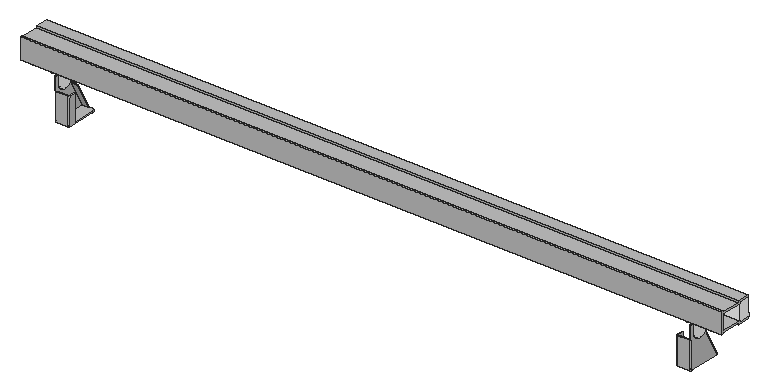
Revit family "4070765+4070746+4070771 Feilo Sylvania Lighting Fixture CURSUS 1161MM 827LM OVAL LED 3K with CONTINUOUS WALL HOUSING with 70MM WALL BRACKET", category Lighting Fixtures, host Face, Revit 2017
Family settings
  Host = Face
  Round Connector Dimension = Use Diameter
  Part Type = Normal
  OmniClass Number = 23.80.70.14
  OmniClass Title = Luminaries for External Lighting
  Cut with Voids When Loaded = Yes
  Light Source = No
  Shared = No
  Room Calculation Point = No
Parameters (values of type "4070765 CURSUS 1161MM 827LM OVAL LED 3K")
  Weight = "2.2 kg"
  Wattage Comments = "n/a"
  WarrantyStartDate [instance] = "n/a"
  WarrantyGuarantorParts = "n/a"
  WarrantyDurationUnit = "n/a"
  WarrantyDurationParts = "n/a"
  WarrantyDescription = "n/a"
  Voltage = 24 V
  URL = "http://www.sylvania-lighting.com"
  TypeName = "CURSUS 1161MM 827LM OVAL LED 3K"
  TypeFixture_FEILO = CURSUS with CONTINUOUS WALL HOUSING : CURSUS 1161MM 827LM OVAL LED 3K
  Type Image = <None>
  Type Comments = "n/a"
  TiltAngle [instance] = 0.00°
  StartAngle [instance] = TiltAngle + 270.00°  # 270.00°
  SerialNumber [instance] = "n/a"
  ReflectorMaterial = none
  PowerFactor = 0
  PowerConsumption = "18 W"
  NominalLength = 1161 mm
  NominalHeight = 50 mm
  NominalDepth = 30 mm
  Name = "CURSUS 1161MM 827LM OVAL LED 3K"
  ModelReference = Name  # "CURSUS 1161MM 827LM OVAL LED 3K"
  ModelNumber = "4070765"
  Model = Name  # "CURSUS 1161MM 827LM OVAL LED 3K"
  Material = "natural anodised extruded aluminium structure housing, optical system with pmma lenses diffuser"
  ManufacturerName = "Feilo Sylvania"
  Manufacturer = "Feilo Sylvania"
  LuminousEfficacy = "45.94 lm/W"
  LuminaireType = ""
  LightOutputRatio = "100"
  LampsType = Lamp  # "LED"
  LampNominalLuminous = "827 lm"
  LampMacAdamStep = "n/a"
  LampColourTemperature = "3000 K"
  LampColourRenderingIndex = "80"
  Lamp = "LED"
  Keynote = "16500"
  InstallationDate [instance] = "n/a"
  InputVoltage = "24V DC"
  InputNominalFrequency = "n/a"
  IngressProtection = "IP67"
  ImpactProtectionIndex = "IK07"
  IfcExportType = "IfcLightFixtureType"
  IfcExportAs = "IfcLightFixtureType"
  ExpectedLife = 50000
  EndAngle [instance] = StartAngle - 180.00°  # 90.00°
  ElectricShockClassification = "Class III"
  DurationUnit = "hours"
  DocumentationLiterature = "http://www.sylvania-lighting.com/product/en-int/products/4070765"
  DimmingControlOptions = "n/a"
  DiffuserMaterial = Diffuser-Sylvania-Glow
  Description = "LED Exterior Lighting Recessed Surface Mounted Linear Fixture, Natural anodised extruded aluminium structure. Die-cast aluminium end caps. Installation kit with harmonic steel springs., 827 lm, 18W, 45lm/W, 3000K, CRI80+,non dimmable,IP67, IK07, (HxWxD) 1161x50x30mm, 3 step Mac Adam Ellipse, 2.2kg,, Classe III, 21-25V-DC, energy class : A++, A+, A"
  Default Elevation = 1219.2 mm
  CreatedOn = "1/8/2018"
  CreatedBy = ""
  Cost = 0
  built-in parameter 1114216 [instance] = (empty or 0)
  ClassificationValue = "EF_70_80"
  ClassificationName = "Uniclass2015"
  BracketWidth = 24 mm
  BracketThickness = 2 mm
  BracketHeightEnd = 32 mm
  BracketHeight = 55 mm
  BracketFlange = BracketHeight / 5  # 11 mm
  BracketExtension = 70 mm
  BracketEndReduction = 25 mm
  BracketC = 22 mm  # constant formula
  BracketDistance = 1030 mm
  BracketD = BracketHeightEnd - (BracketC * (BracketHeight - BracketHeightEnd) / (BracketExtension - BracketEndReduction))  # 20.756 mm
  BodyMaterial = Body-Sylvania-Gray
  BarCode [instance] = "n/a"
  AssetType = "Fixed"
  AssetIdentifier [instance] = "n/a"
  Assembly Code = "D5020200"
  Apparent Load = 18 VA
  AccessoryMaterial = Diffuser-Sylvania-Glow
Reference planes
  plane 1 "Center (Front/Back)": y = 0
  plane 2: z = 0
  plane 3 "Center (Left/Right)": x = 0
  plane 4: x = -527
  plane 5: x = 527
  plane 6: y = 55
  plane 7: x = -503
  plane 8: x = 503
  plane 9: z = 70
  plane 10: z = 56
  plane 11: z = 2
  plane 12: z = 45
  plane 13: x = -525
  plane 14: y = 53
  plane 15: y = 2
  plane 16: x = -505
  plane 17: x = 505
  plane 18: x = 525
  plane 19: x = -515
  plane 20: x = 515
  plane 21: y = 11
  plane 22: y = 32
  plane 23: y = 30
  plane 24: z = 67
  plane 25: y = 20.756
  plane 26: y = 16
Forms (mm)
  Blend 1, solid, material "Body-Sylvania-Gray" <- "BodyMaterial"
    base sketch origin (1223.4, -4572, 2) x (0, -1, 0) y (1, 0, 0)
      loop
        line (-4625, -1738.4) -> (-4627, -1738.4) -> (-4627, -1748.4)
        arc (-4627, -1748.4) -> (-4626.414, -1749.814) -> (-4625, -1750.4) r 2
        line (-4625, -1750.4) -> (-4574, -1750.4)
        arc (-4574, -1750.4) -> (-4572.586, -1749.814) -> (-4572, -1748.4) r 2
        line (-4572, -1748.4) -> (-4572, -1728.4)
        arc (-4572, -1728.4) -> (-4572.586, -1726.986) -> (-4574, -1726.4) r 2
        line (-4574, -1726.4) -> (-4583, -1726.4) -> (-4583, -1728.4) -> (-4574, -1728.4) -> (-4574, -1748.4) -> (-4625, -1748.4) -> (-4625, -1738.4)
    top sketch origin (1223.4, -4572, 2) x (0, -1, 0) y (1, 0, 0)
      loop
        line (-4583, -1728.4) -> (-4574, -1728.4) -> (-4574, -1748.4) -> (-4602, -1748.4) -> (-4602, -1738.4) -> (-4604, -1738.4) -> (-4604, -1748.4)
        arc (-4604, -1748.4) -> (-4603.52, -1749.71) -> (-4602.309, -1750.4) r 2.028
        line (-4602.309, -1750.4) -> (-4574, -1750.4)
        arc (-4574, -1750.4) -> (-4572.586, -1749.814) -> (-4572, -1748.4) r 2
        line (-4572, -1748.4) -> (-4572, -1728.4)
        arc (-4572, -1728.4) -> (-4572.586, -1726.986) -> (-4574, -1726.4) r 2
        line (-4574, -1726.4) -> (-4583, -1726.4) -> (-4583, -1728.4)
    from 0 to 43
  Extrusion 2, solid, material "Body-Sylvania-Gray" <- "BodyMaterial"
    sketch origin (0, 0, 0) x (1, 0, 0) y (0, 1, 0)
      loop
        arc (-525, 55) -> (-526.414, 54.414) -> (-527, 53) r 2
        line (-527, 53) -> (-527, 2)
        arc (-527, 2) -> (-526.414, 0.586) -> (-525, 0) r 2
        line (-525, 0) -> (-505, 0)
        arc (-505, 0) -> (-503.586, 0.586) -> (-503, 2) r 2
        line (-503, 2) -> (-503, 47.5)
        arc (-503, 47.5) -> (-505.197, 52.803) -> (-510.5, 55) r 7.5
        line (-510.5, 55) -> (-525, 55)
      loop
        line (525, 55) -> (510.5, 55)
        arc (510.5, 55) -> (505.197, 52.803) -> (503, 47.5) r 7.5
        line (503, 47.5) -> (503, 2)
        arc (503, 2) -> (503.586, 0.586) -> (505, 0) r 2
        line (505, 0) -> (525, 0)
        arc (525, 0) -> (526.414, 0.586) -> (527, 2) r 2
        line (527, 2) -> (527, 53)
        arc (527, 53) -> (526.414, 54.414) -> (525, 55) r 2
    from 0 to 2
  Blend 3, solid, material "Body-Sylvania-Gray" <- "BodyMaterial"
    base sketch origin (1223.4, -4572, 2) x (0, -1, 0) y (1, 0, 0)
      loop
        line (-4625, -698.4) -> (-4574, -698.4) -> (-4574, -718.4) -> (-4583, -718.4) -> (-4583, -720.4) -> (-4574, -720.4)
        arc (-4574, -720.4) -> (-4572.586, -719.814) -> (-4572, -718.4) r 2
        line (-4572, -718.4) -> (-4572, -698.4)
        arc (-4572, -698.4) -> (-4572.586, -696.986) -> (-4574, -696.4) r 2
        line (-4574, -696.4) -> (-4625, -696.4)
        arc (-4625, -696.4) -> (-4626.414, -696.986) -> (-4627, -698.4) r 2
        line (-4627, -698.4) -> (-4627, -708.4) -> (-4625, -708.4) -> (-4625, -698.4)
    top sketch origin (1223.4, -4572, 2) x (0, -1, 0) y (1, 0, 0)
      loop
        line (-4602, -708.4) -> (-4602, -698.4) -> (-4574, -698.4) -> (-4574, -718.4) -> (-4583, -718.4) -> (-4583, -720.4) -> (-4574, -720.4)
        arc (-4574, -720.4) -> (-4572.586, -719.814) -> (-4572, -718.4) r 2
        line (-4572, -718.4) -> (-4572, -698.4)
        arc (-4572, -698.4) -> (-4572.586, -696.986) -> (-4574, -696.4) r 2
        line (-4574, -696.4) -> (-4602, -696.4)
        arc (-4602, -696.4) -> (-4603.414, -696.986) -> (-4604, -698.4) r 2
        line (-4604, -698.4) -> (-4604, -708.4) -> (-4602, -708.4)
    from 0 to 43
  Blend 4, solid, material "Body-Sylvania-Gray" <- "BodyMaterial"
    base sketch origin (1223.4, -4572, 45) x (0, -1, 0) y (1, 0, 0)
      loop
        line (-4604, -1750.4) -> (-4572, -1750.4) -> (-4572, -1748.4) -> (-4604, -1748.4) -> (-4604, -1750.4)
    top sketch origin (1223.4, -4572, 45) x (0, -1, 0) y (1, 0, 0)
      loop
        line (-4572, -1750.4) -> (-4572, -1748.4) -> (-4592.756, -1748.4) -> (-4592.756, -1750.4) -> (-4572, -1750.4)
    from 0 to 22
  Blend 5, solid, material "Body-Sylvania-Gray" <- "BodyMaterial"
    base sketch origin (1223.4, -4572, 45) x (0, -1, 0) y (1, 0, 0)
      loop
        line (-4604, -698.4) -> (-4572, -698.4) -> (-4572, -696.4) -> (-4604, -696.4) -> (-4604, -698.4)
    top sketch origin (1223.4, -4572, 45) x (0, -1, 0) y (1, 0, 0)
      loop
        line (-4572, -696.4) -> (-4592.756, -696.4) -> (-4592.756, -698.4) -> (-4572, -698.4) -> (-4572, -696.4)
    from 0 to 22
  Extrusion 6, void
    sketch origin (0, 0, 0) x (0, 1, 0) y (0, 0, 1)
      loop
        line (0, 45) -> (2, 45) -> (2, 46.5) -> (0, 46.5) -> (0, 45)
      loop
        line (32, 45) -> (32, 46.5) -> (30, 46.5) -> (30, 45) -> (32, 45)
    from -527 to 527
  Revolve 7, solid, not visible
    sketch origin (1524, 16, 1219.2) x (1, 0, 0) y (0, 0, 1)
      loop
        line (-1524, -1152.2) -> (-1524, -1163.2) -> (-1009, -1163.2) -> (-1009, -1152.2) -> (-1524, -1152.2)
      axis (-1009, -1163.2) -> (-1524, -1163.2)
    angle from 270 <- "StartAngle" to 90 <- "EndAngle"
Cuts and joins
  Extrusion 6 cuts Blend 4
  Extrusion 6 cuts Blend 5
  joined: Blend 1, Extrusion 2, Blend 3, Blend 4, Blend 5
Lines and regions (mm)
  reference lines, not visible
    curve 1: line (-503, 16, 56) -> (503, 16, 56)
Dimensions and locks
  equal spacing: plane 4, plane 3 "Center (Left/Right)", plane 5
  "BracketDistance": plane 19 to plane 20
  "BracketHeight": plane 1 "Center (Front/Back)" to plane 6
  equal spacing: plane 7, plane 3 "Center (Left/Right)", plane 8
  "BracketWidth": plane 4 to plane 7
  "BracketExtension": plane 9 to plane 2
  "BracketThickness": plane 11 to plane 2
  "BracketEndReduction": plane 9 to plane 12
  equal spacing: plane 13, plane 3 "Center (Left/Right)", plane 18
  equal spacing: plane 16, plane 3 "Center (Left/Right)", plane 17
  "BracketThickness": plane 4 to plane 13
  "BracketThickness": plane 16 to plane 7
  "BracketThickness": plane 14 to plane 6
  "BracketThickness": plane 1 "Center (Front/Back)" to plane 15
  equal spacing: plane 4, plane 19, plane 7
  equal spacing: plane 8, plane 20, plane 5
  "BracketFlange": plane 1 "Center (Front/Back)" to plane 21
  "BracketHeightEnd": plane 1 "Center (Front/Back)" to plane 22
  "BracketThickness": plane 23 to plane 22
  locked: Extrusion 2 sketch curve to plane 7 at 7.5
  locked: Extrusion 2 sketch curve to plane 6 at 7.5  (x2)
  locked: plane 8 to Extrusion 2 sketch curve at 7.5
  "BracketC": plane 24 to plane 12
  "BracketD": plane 1 "Center (Front/Back)" to plane 25
  locked: plane 12 to Extrusion 6 sketch curve at 1.5
  equal spacing: plane 24, plane 10, plane 12
  equal spacing: plane 1 "Center (Front/Back)", plane 26, plane 22
  aligned and locked: plane 2 to host face
  aligned and locked: level to host face
  aligned and locked: plane 4 to Blend 1 sketch curve  (x2)
  aligned and locked: plane 13 to Blend 1 sketch curve  (x3)
  aligned and locked: Blend 1 sketch curve to plane 15
  aligned and locked: Blend 1 sketch curve to plane 16
  aligned and locked: Blend 1 sketch curve to plane 21
  aligned and locked: plane 7 to Blend 1 sketch curve
  aligned and locked: plane 16 to Blend 1 sketch curve
  aligned and locked: plane 1 "Center (Front/Back)" to Blend 1 sketch curve
  aligned and locked: plane 14 to Blend 1 sketch curve
  aligned and locked: Blend 1 sketch curve to var sketch  (x6)
  aligned and locked: Blend 1 sketch curve to plane 19
  aligned and locked: Blend 1 sketch curve to plane 22
  aligned and locked: plane 23 to Blend 1 sketch curve
  aligned and locked: plane 11 to Blend 1
  aligned and locked: Extrusion 2 sketch curve to Blend 1  (x3)
  aligned and locked: Extrusion 2 to level
  aligned and locked: Extrusion 2 to plane 11
  aligned and locked: Extrusion 2 sketch curve to plane 7
  aligned and locked: plane 18 to Blend 3 sketch curve  (x4)
  aligned and locked: plane 14 to Blend 3 sketch curve  (x2)
  aligned and locked: Blend 3 sketch curve to plane 20
  aligned and locked: Blend 3 sketch curve to plane 6
  aligned and locked: plane 5 to Blend 3 sketch curve
  aligned and locked: plane 1 "Center (Front/Back)" to Blend 3 sketch curve
  aligned and locked: plane 15 to Blend 3 sketch curve  (x2)
  aligned and locked: Blend 3 sketch curve to plane 8
  aligned and locked: Blend 3 sketch curve to plane 21
  aligned and locked: plane 17 to Blend 3 sketch curve
  aligned and locked: Blend 3 sketch curve to plane 18
  aligned and locked: plane 20 to Blend 3 sketch curve  (x2)
  aligned and locked: Blend 3 sketch curve to plane 23
  aligned and locked: Blend 3 sketch curve to var sketch  (x8)
  aligned and locked: var sketch to Blend 3 sketch curve
  aligned and locked: plane 22 to Blend 3 sketch curve
  aligned and locked: plane 11 to Blend 3
  aligned and locked: Extrusion 2 sketch curve to Blend 3  (x4)
  aligned and locked: Blend 1 to plane 12
  aligned and locked: Blend 3 to plane 12
  aligned and locked: Blend 4 sketch curve to plane 22
  aligned and locked: Blend 4 sketch curve to cut or joined group of Blend 1, Extrusion 2, Blend 3, Blend 4, Blend 5, Extrusion 6  (x2)
  aligned and locked: cut or joined group of Blend 1, Extrusion 2, Blend 3, Blend 4, Blend 5, Extrusion 6 to Blend 4 sketch curve
  aligned and locked: Blend 4 sketch curve to var sketch  (x2)
  aligned and locked: Blend 4 sketch curve to plane 13
  aligned and locked: Blend 4 to plane 24
  aligned and locked: Blend 4 sketch curve to plane 25
  aligned and locked: Blend 5 sketch curve to plane 18  (x2)
  aligned and locked: plane 1 "Center (Front/Back)" to Blend 5 sketch curve
  aligned and locked: plane 5 to Blend 5 sketch curve
  aligned and locked: plane 22 to Blend 5 sketch curve
  aligned and locked: Blend 5 sketch curve to var sketch
  aligned and locked: var sketch to Blend 5 sketch curve
  aligned and locked: Blend 5 sketch curve to plane 25
  aligned and locked: Blend 5 to plane 24
  aligned and locked: plane 12 to Blend 5
  aligned and locked: Extrusion 6 sketch curve to cut or joined group of Blend 1, Extrusion 2, Blend 3, Blend 4, Blend 5, Extrusion 6  (x2)
  aligned and locked: Extrusion 6 sketch curve to Extrusion 6 sketch curve
  aligned and locked: Extrusion 6 sketch curve to plane 15
  aligned and locked: plane 5 to Extrusion 6
  aligned and locked: Extrusion 6 to plane 4
  aligned and locked: Extrusion 6 sketch curve to plane 23
  aligned and locked: Revolve 7 sketch curve to plane 10  (x2)
  aligned and locked: plane 24 to Revolve 7 sketch curve
  aligned and locked: plane 3 "Center (Left/Right)" to Revolve 7 sketch curve
  aligned and locked: Revolve 7 sketch curve to plane 20
  aligned and locked: plane 7 to curve 1
  aligned and locked: plane 10 to curve 1
  aligned and locked: nested 1 to plane 5
  aligned and locked: nested 2 to plane 4
  aligned and locked: nested 1 to curve 1
  aligned and locked: nested 2 to curve 1
  aligned and locked: nested 1 to nested 3
  aligned and locked: nested 3 to plane 3 "Center (Left/Right)"
Automatic sketch dimensions
  host sketch curve to host sketch curve = 2438.4 mm  (x2)
  Blend 1 sketch curve to plane 13 = 0 mm
  plane 15 to Blend 1 sketch curve = 0 mm  (x3)
  Blend 1 sketch curve to plane 23 = 0.309 mm
  plane 6 to Blend 1 sketch curve = 0 mm
  plane 14 to Blend 1 sketch curve = 0 mm
  Blend 1 sketch curve to plane 19 = 0 mm
  Blend 3 sketch curve to plane 17 = 0 mm
  Extrusion 6 sketch curve to plane 1 "Center (Front/Back)" = 0 mm
  plane 12 to Extrusion 6 sketch curve = 0 mm
  Revolve 7 sketch curve to plane 4 = 1153 mm
  plane 5 to Revolve 7 sketch curve = 1161.4 mm
  curve 1 to plane 8 = 0 mm
Nested families
  nested 1: "MountingPlate" at (526, 16, 56) x (-1, 0, 0) z (0, 0, 1), type "MountingPlate"
  nested 2: "MountingPlate" at (-526, 16, 56) x (-1, 0, 0) z (0, 0, 1), type "MountingPlate"
  nested 3: "CURSUS with CONTINUOUS WALL HOUSING" at (0, -4, 74) x (-1, 0, 0) z (0, 0, 1), type <- "TypeFixture_FEILO", type "CURSUS 1161MM 827LM OVAL LED 3K"
    with WarrantyStartDate "n/a", SerialNumber "n/a", InstallationDate "n/a", EndCapRight no, EndCapLeft no, built-in parameter 1114216 (empty or 0), BarCode "n/a", AssetIdentifier "n/a"
Connectors
  electrical at (0, 0, 0), driven by "Voltage", driven by "Apparent Load", driven by "PowerFactor", driven by "Apparent Load"
    settings: index 1, voltage 24 V, apparent load 18 VA, apparent load phase1 18 VA, apparent load phase2 0 VA, apparent load phase3 0 VA, power factor 0, load classification "Other", number of poles 1, system type 30, power factor state 1, is connector primary yes, connector utility no, sub classification motor no, connector description ""
Definition of nested family "MountingPlate"
  Parameters (values of type "MountingPlate")
    URL = "http://www.feilosylvania.com"
    Type Comments = "n/a"
    ReflectorMaterial = none
    MountingPlateWidth = 76 mm
    MountingPlateThickness = 2 mm
    MountingPlateRadiusBack = 12 mm
    MountingPlateRadius = 3 mm
    MountingPlateHeight = 35 mm
    Model = "n/a"
    Manufacturer = "Feilo Sylvania"
    Keynote = "n/a"
    DiffuserMaterial = none
    Description = "n/a"
    Default Elevation = 1219.2 mm
    Cost = 0
    BodyMaterial = none
    Assembly Code = "n/a"
    AccessoryMaterial = none
  Reference planes
    plane 1 "Center (Front/Back)": y = 0
    plane 2: z = 0
    plane 3 "Center (Left/Right)": x = 0
    plane 4: x = -38
    plane 5: x = 38
    plane 6: y = 17.5
    plane 7: y = -17.5
    plane 8: x = -3
    plane 9: x = 3
    plane 10: z = 18
    plane 11: z = 16
    plane 12: y = 12.5
    plane 13: y = -12.5
    plane 14: x = -1
    plane 15: x = 1
    plane 16: z = -12.5
    plane 17: z = -14.5
  Forms (mm)
    Extrusion 1, solid
      sketch origin (1.653, 0, 0) x (1, 0, 0) y (0, 1, 0)
        loop
          line (-1219.2, 1219.2) -> (-1219.2, -1219.2) -> (1219.2, -1219.2) -> (1219.2, 1219.2) -> (-1219.2, 1219.2)
      from 0 to -304.8
    Extrusion 2, solid, material <- "BodyMaterial"
      sketch origin (1218.4, -4572, 16) x (0, -1, 0) y (-1, 0, 0)
        loop
          line (-4589.5, 1253.4) -> (-4589.5, 1224.4)
          arc (-4589.5, 1224.4) -> (-4588.621, 1222.279) -> (-4586.5, 1221.4) r 3
          line (-4586.5, 1221.4) -> (-4557.5, 1221.4)
          arc (-4557.5, 1221.4) -> (-4555.379, 1222.279) -> (-4554.5, 1224.4) r 3
          line (-4554.5, 1224.4) -> (-4554.5, 1253.4)
          arc (-4554.5, 1253.4) -> (-4555.379, 1255.521) -> (-4557.5, 1256.4) r 3
          line (-4557.5, 1256.4) -> (-4586.5, 1256.4)
          arc (-4586.5, 1256.4) -> (-4588.621, 1255.521) -> (-4589.5, 1253.4) r 3
        loop
          arc (-4589.5, 1183.4) -> (-4588.621, 1181.279) -> (-4586.5, 1180.4) r 3
          line (-4586.5, 1180.4) -> (-4557.5, 1180.4)
          arc (-4557.5, 1180.4) -> (-4555.379, 1181.279) -> (-4554.5, 1183.4) r 3
          line (-4554.5, 1183.4) -> (-4554.5, 1212.4)
          arc (-4554.5, 1212.4) -> (-4555.379, 1214.521) -> (-4557.5, 1215.4) r 3
          line (-4557.5, 1215.4) -> (-4586.5, 1215.4)
          arc (-4586.5, 1215.4) -> (-4588.621, 1214.521) -> (-4589.5, 1212.4) r 3
          line (-4589.5, 1212.4) -> (-4589.5, 1183.4)
      from 0 to -2
    Extrusion 3, solid, material <- "BodyMaterial"
      sketch origin (0, 0, 0) x (1, 0, 0) y (0, 0, 1)
        loop
          line (-3, 18) -> (-3, -12.5) -> (-1, -12.5) -> (-1, 16)
          arc (-1, 16) -> (-1.586, 17.414) -> (-3, 18) r 2
        loop
          line (3, -12.5) -> (3, 18)
          arc (3, 18) -> (1.586, 17.414) -> (1, 16) r 2
          line (1, 16) -> (1, -12.5) -> (3, -12.5)
      from -12.5 to 12.5
    Extrusion 4, void
      sketch origin (0, 0, 0) x (0, 1, 0) y (0, 0, 1)
        loop
          line (-12.5, -0.5) -> (-17.5, -0.5) -> (-17.5, -14.5) -> (-0.5, -14.5) -> (-0.5, -12.5)
          arc (-0.5, -12.5) -> (-8.985, -8.985) -> (-12.5, -0.5) r 12
        loop
          line (0.5, -12.5) -> (0.5, -14.5) -> (17.5, -14.5) -> (17.5, -0.5) -> (12.5, -0.5)
          arc (12.5, -0.5) -> (8.985, -8.985) -> (0.5, -12.5) r 12
      from -3 to 3
  Cuts and joins
    Extrusion 4 cuts Extrusion 2
    Extrusion 4 cuts Extrusion 3
    joined: Extrusion 2, Extrusion 3
  Lines and regions (mm)
    reference lines
      curve 1: line (-38, 0, 0) -> (38, 0, 0)
  Dimensions and locks
    equal spacing: plane 4, plane 3 "Center (Left/Right)", plane 5
    "MountingPlateWidth": plane 4 to plane 5
    equal spacing: plane 7, plane 1 "Center (Front/Back)", plane 6
    "MountingPlateHeight": plane 7 to plane 6
    equal spacing: plane 8, plane 3 "Center (Left/Right)", plane 9
    "MountingPlateHeight": plane 4 to plane 8
    locked: plane 10 to plane 2 at 18
    "MountingPlateThickness": plane 10 to plane 11
    equal spacing: plane 13, plane 1 "Center (Front/Back)", plane 12
    locked: plane 13 to plane 12 at 25
    "MountingPlateRadius": plane 4 to Extrusion 2 sketch curve  (x2)
    "MountingPlateRadius": Extrusion 2 sketch curve to plane 6  (x4)
    "MountingPlateRadius": Extrusion 2 sketch curve to plane 8  (x2)
    "MountingPlateRadius": plane 7 to Extrusion 2 sketch curve  (x4)
    "MountingPlateRadius": plane 9 to Extrusion 2 sketch curve  (x2)
    "MountingPlateRadius": Extrusion 2 sketch curve to plane 5  (x2)
    equal spacing: plane 15, plane 3 "Center (Left/Right)", plane 14
    "MountingPlateThickness": plane 14 to plane 8
    locked: plane 2 to plane 16 at 12.5
    locked: plane 17 to plane 16 at 2
    "MountingPlateRadiusBack": plane 13 to Extrusion 4 sketch curve
    "MountingPlateRadiusBack": plane 16 to Extrusion 4 sketch curve  (x2)
    "MountingPlateRadiusBack": Extrusion 4 sketch curve to plane 12
    aligned and locked: plane 2 to Extrusion 1
    aligned and locked: level to Extrusion 1
    aligned and locked: Extrusion 2 sketch curve to plane 6
    aligned and locked: Extrusion 2 sketch curve to plane 4
    aligned and locked: plane 7 to Extrusion 2 sketch curve
    aligned and locked: plane 8 to Extrusion 2 sketch curve
    aligned and locked: plane 6 to Extrusion 2 sketch curve
    aligned and locked: Extrusion 2 sketch curve to plane 5
    aligned and locked: Extrusion 2 sketch curve to plane 7
    aligned and locked: plane 9 to Extrusion 2 sketch curve
    aligned and locked: Extrusion 2 to plane 10
    aligned and locked: plane 11 to Extrusion 2
    aligned and locked: Extrusion 3 sketch curve to Extrusion 2  (x2)
    aligned and locked: plane 16 to Extrusion 3 sketch curve  (x2)
    aligned and locked: plane 14 to Extrusion 3 sketch curve
    aligned and locked: plane 9 to Extrusion 3 sketch curve
    aligned and locked: plane 15 to Extrusion 3 sketch curve
    aligned and locked: Extrusion 3 to plane 12
    aligned and locked: plane 13 to Extrusion 3
    aligned and locked: plane 17 to Extrusion 4 sketch curve  (x2)
    aligned and locked: Extrusion 4 sketch curve to plane 7
    aligned and locked: Extrusion 4 sketch curve to plane 6
    aligned and locked: plane 9 to Extrusion 4
    aligned and locked: Extrusion 4 to plane 8
    aligned and locked: plane 4 to curve 1
    aligned and locked: curve 1 to level
  Automatic sketch dimensions
    Extrusion 1 sketch curve to Extrusion 1 sketch curve = 2438.4 mm  (x2)
    Extrusion 3 sketch curve to plane 11 = 0 mm
    curve 1 to plane 5 = 0 mm
    Extrusion 4 sketch curve to plane 13 = 0 mm
    Extrusion 4 sketch curve to plane 12 = 0 mm
Definition of nested family "CURSUS with CONTINUOUS WALL HOUSING"
  Parameters (values of type "CURSUS 1161MM 827LM OVAL LED 3K")
    Width_FEILO = 35 mm
    Weight = "2.2 kg"
    Wattage Comments = "n/a"
    Wattage = 18 W
    WarrantyStartDate [instance] = "n/a"
    WarrantyGuarantorParts = "n/a"
    WarrantyDurationUnit = "n/a"
    WarrantyDurationParts = "n/a"
    WarrantyDescription = "n/a"
    WallThickness_FEILO = 2.5 mm
    built-in parameter 1150110 = 1 (stored number, unit not read)
    Voltage = 24 V
    URL = "http://www.feilosylvania.com"
    TypeName = "CURSUS 1161MM 827LM OVAL LED 3K"
    Type Image = (empty or 0)
    Type Comments = "n/a"
    built-in parameter 1114217 = 1 (stored number, unit not read)
    Tilt Angle = -90.00°
    built-in parameter 1150109 = 1 (stored number, unit not read)
    built-in parameter 1150134 = (empty or 0)
    built-in parameter 1150113 = 1 (stored number, unit not read)
    SerialNumber [instance] = "n/a"
    ReflectorMaterial = none
    PowerFactor = 0
    PowerConsumption = "18 W"
    Photometric Web File = "4070765.ies"
    NominalLength = 1161 mm
    NominalHeight = 50 mm
    NominalDepth = 30 mm
    Name = "CURSUS 1161MM 827LM OVAL LED 3K"
    ModelReference = Name  # "CURSUS 1161MM 827LM OVAL LED 3K"
    ModelNumber = ""
    Model = Name  # "CURSUS 1161MM 827LM OVAL LED 3K"
    Material = "natural anodised extruded aluminium structure housing, optical system with pmma lenses diffuser"
    ManufacturerName = "Feilo Sylvania"
    Manufacturer = "Feilo Sylvania"
    LuminousEfficacy = "45.94 lm/W"
    built-in parameter 1150105 = 65.811 (stored number, unit not read)
    Lumens = 827 lm
    LuminaireType = ""
    built-in parameter 1150115 = 1 (stored number, unit not read)
    LightOutputRatio = "100"
    built-in parameter 1150137 = (empty or 0)
    built-in parameter 1150139 = (empty or 0)
    Length_FEILO = 1167 mm
    LampsType = Lamp  # "LED"
    LampNominalLuminous = "827 lm"
    LampMacAdamStep = "n/a"
    LampColourTemperature = "3000 K"
    LampColourRenderingIndex = "80"
    built-in parameter 1150112 = 1 (stored number, unit not read)
    built-in parameter 1150114 = 1 (stored number, unit not read)
    Lamp = "LED"
    Keynote = "16500"
    InstallationDate [instance] = "n/a"
    InputVoltage = "24V DC"
    InputNominalFrequency = "n/a"
    built-in parameter 1150132 = (empty or 0)
    built-in parameter 1150102 = (empty or 0)
    built-in parameter 1150107 = 3000 (stored number, unit not read)
    built-in parameter 1150138 = (empty or 0)
    IngressProtection = "IP67"
    ImpactProtectionIndex = "IK07"
    built-in parameter 1150106 = 0.65811 (stored number, unit not read)
    IfcExportType = "IfcLightFixtureType"
    IfcExportAs = "IfcLightFixtureType"
    ExpectedLife = 50000
    EndCapRight [instance] = no
    EndCapLeft [instance] = no
    Emit from Rectangle Width = Width_FEILO - WallThickness_FEILO * 2  # 30 mm
    Emit from Rectangle Length = Length_FEILO - WallThickness_FEILO * 2  # 1162 mm
    Emit Shape Visible in Rendering = no
    ElectricShockClassification = "Class III"
    built-in parameter 1150104 = 4.2684 (stored number, unit not read)
    DurationUnit = "hours"
    DocumentationLiterature = "http://www.feilosylvania.com/product/en-int/products/4070765"
    DimmingControlOptions = "n/a"
    Dimming Lamp Color Temperature Shift = (empty or 0)
    DiffuserMaterial = none
    Description = "LED Exterior Lighting Recessed Surface Mounted Linear Fixture, Natural anodised extruded aluminium structure. Die-cast aluminium end caps. Installation kit with harmonic steel springs., 827 lm, 18W, 45lm/W, 3000K, CRI80+,non dimmable,IP67, IK07, (HxWxD) 1161x50x30mm, 3 step Mac Adam Ellipse, 2.2kg,, Classe III, 21-25V-DC, energy class : A++, A+, A"
    Default Elevation = 1219.2 mm
    CreatedOn = "1/8/2018"
    CreatedBy = "aron.fodor@feilosylvania.com"
    Cost = 0
    Color Filter = 16777215
    built-in parameter 1114216 [instance] = (empty or 0)
    ClassificationValue = "EF_70_80"
    ClassificationName = "Uniclass2015"
    BodyMaterial = none
    BarCode [instance] = "n/a"
    built-in parameter 1114218 = 1 (stored number, unit not read)
    built-in parameter 1150133 = 10 (stored number, unit not read)
    AssetType = "Fixed"
    AssetIdentifier [instance] = "n/a"
    Assembly Code = "D5020200"
    Apparent Load = 18 VA
    AccessoryMaterial = none
  Types (16, lengths in mm): name | Weight | Wattage | Voltage | TypeName | built-in parameter 1150134 | PowerConsumption | Photometric Web File | NominalLength | Name | ModelReference | Model | Material | LuminousEfficacy | built-in parameter 1150105 | Lumens | Length_FEILO | LampNominalLuminous | LampColourTemperature | InputVoltage | InputNominalFrequency | built-in parameter 1150107 | built-in parameter 1150106 | Emit from Rectangle Length | built-in parameter 1150104 | DocumentationLiterature | Description | Apparent Load
    CURSUS 1161MM 827LM OVAL LED 3K | "2.2 kg" | 18 W | 24 V | "CURSUS 1161MM 827LM OVAL LED 3K" | (empty or 0) | "18 W" | "4070765.ies" | 1161 | "CURSUS 1161MM 827LM OVAL LED 3K" | "CURSUS 1161MM 827LM OVAL LED 3K" | "CURSUS 1161MM 827LM OVAL LED 3K" | "natural anodised extruded aluminium structure housing, optical system with pmma lenses diffuser" | "45.94 lm/W" | 65.811 (stored number, unit not read) | 827 lm | 1167 | "827 lm" | "3000 K" | "24V DC" | "n/a" | 3000 (stored number, unit not read) | 0.65811 (stored number, unit not read) | 1162 | 4.2684 (stored number, unit not read) | "http://www.feilosylvania.com/product/en-int/products/4070765" | "LED Exterior Lighting Recessed Surface Mounted Linear Fixture, Natural anodised extruded aluminium structure. Die-cast aluminium end caps. Installation kit with harmonic steel springs., 827 lm, 18W, 45lm/W, 3000K, CRI80+,non dimmable,IP67, IK07, (HxWxD) 1161x50x30mm, 3 step Mac Adam Ellipse, 2.2kg,, Classe III, 21-25V-DC, energy class : A++, A+, A" | 18 VA
    CURSUS 1161MM 731LM WIDE LED 3K | "2.2 kg" | 18 W | 230 V | "CURSUS 1161MM 731LM WIDE LED 3K" | (empty or 0) | "18 W" | "4070764.ies" | 1161 | "CURSUS 1161MM 731LM WIDE LED 3K" | "CURSUS 1161MM 731LM WIDE LED 3K" | "CURSUS 1161MM 731LM WIDE LED 3K" | "natural anodised extruded aluminium structure housing" | "40.61 lm/W" | 58.171 (stored number, unit not read) | 731 lm | 1167 | "731 lm" | "3000 K" | "220-240V~" | "n/a" | 3000 (stored number, unit not read) | 0.58171 (stored number, unit not read) | 1162 | 3.7729 (stored number, unit not read) | "http://www.feilosylvania.com/product/en-int/products/4070764" | "LED Exterior Lighting Recessed Surface Mounted Linear Fixture, Natural anodised extruded aluminium structure. Die-cast aluminium end caps. Installation kit with harmonic steel springs., 731 lm, 18W, 40lm/W, 3000K, CRI80+,non dimmable,IP67, IK07, (HxWxD) 1161x50x30mm, 3 step Mac Adam Ellipse, 2.2kg,, Classe III, 21-25V-DC, energy class : A++, A+, A" | 18 VA
    CURSUS 1161MM 871LM OVAL LED 4K | "2.2 kg" | 18 W | 24 V | "CURSUS 1161MM 871LM OVAL LED 4K" | 12 | "18 W" | "4070763.ies" | 1161 | "CURSUS 1161MM 871LM OVAL LED 4K" | "CURSUS 1161MM 871LM OVAL LED 4K" | "CURSUS 1161MM 871LM OVAL LED 4K" | "natural anodised extruded aluminium structure housing, optical system with pmma lenses diffuser" | "48.38 lm/W" | 69.312 (stored number, unit not read) | 871 lm | 1167 | "871 lm" | "4000 K" | "24V DC" | "50/60 Hz" | 4000 (stored number, unit not read) | 0.69312 (stored number, unit not read) | 1162 | 4.4955 (stored number, unit not read) | "http://www.feilosylvania.com/product/en-int/products/4070763" | "LED Exterior Lighting Recessed Surface Mounted Linear Fixture, Natural anodised extruded aluminium structure. Die-cast aluminium end caps. Installation kit with harmonic steel springs., 871 lm, 18W,  48lm/W, 4000K, CRI80+,non dimmable,IP67, IK07, (HxWxD) 1161x50x30mm, 3 step Mac Adam Ellipse, 2.2kg,, Classe III, 21-25V-DC, energy class : A++, A+, A" | 18 VA
    CURSUS 1161MM 770LM WIDE LED 4K | "2.2 kg" | 18 W | 230 V | "CURSUS 1161MM 770LM WIDE LED 4K" | 12 | "18 W" | "4070762.ies" | 1161 | "CURSUS 1161MM 770LM WIDE LED 4K" | "CURSUS 1161MM 770LM WIDE LED 4K" | "CURSUS 1161MM 770LM WIDE LED 4K" | "natural anodised extruded aluminium structure housing" | "42.77 lm/W" | 61.275 (stored number, unit not read) | 770 lm | 1167 | "770 lm" | "4000 K" | "220-240V~" | "n/a" | 4000 (stored number, unit not read) | 0.61275 (stored number, unit not read) | 1162 | 3.9742 (stored number, unit not read) | "http://www.feilosylvania.com/product/en-int/products/4070762" | "LED Exterior Lighting Recessed Surface Mounted Linear Fixture, Natural anodised extruded aluminium structure. Die-cast aluminium end caps. Installation kit with harmonic steel springs., 770 lm, 18W,  42lm/W, 4000K, CRI80+,non dimmable,IP67, IK07, (HxWxD) 1161x50x30mm, 3 step Mac Adam Ellipse, 2.2kg,, Classe III, 21-25V-DC, energy class : A++, A+, A" | 18 VA
    CURSUS 876MM 620LM OVAL LED 3K | "1.7 kg" | 13.5 W | 24 V | "CURSUS 876MM 620LM OVAL LED 3K" | (empty or 0) | "13.5 W" | "4070758.ies" | 876 | "CURSUS 876MM 620LM OVAL LED 3K" | "CURSUS 876MM 620LM OVAL LED 3K" | "CURSUS 876MM 620LM OVAL LED 3K" | "natural anodised extruded aluminium structure housing, optical system with pmma lenses diffuser" | "45.92 lm/W" | 49.338 (stored number, unit not read) | 620 lm | 882 | "620 lm" | "3000 K" | "24V DC" | "50/60 Hz" | 3000 (stored number, unit not read) | 0.49338 (stored number, unit not read) | 877 | 4.2667 (stored number, unit not read) | "http://www.feilosylvania.com/product/en-int/products/4070758" | "LED Exterior Lighting Recessed Surface Mounted Linear Fixture, Natural anodised extruded aluminium structure. Die-cast aluminium end caps. Installation kit with harmonic steel springs., 620 lm, 13,5W, 45lm/W, 3000K, CRI80+,non dimmable,IP67, IK07, (HxWxD) 876x50x30mm, 3 step Mac Adam Ellipse, 1.7kg,, Classe III, 21-25V-DC, energy class : A++, A+, A" | 13.5 VA
    CURSUS 876MM 548LM WIDE LED 3K | "1.7 kg" | 13.5 W | 24 V | "CURSUS 876MM 548LM WIDE LED 3K" | (empty or 0) | "13.5 W" | "4070757.ies" | 876 | "CURSUS 876MM 548LM WIDE LED 3K" | "CURSUS 876MM 548LM WIDE LED 3K" | "CURSUS 876MM 548LM WIDE LED 3K" | "natural anodised extruded aluminium structure housing" | "40.59 lm/W" | 43.608 (stored number, unit not read) | 548 lm | 882 | "548 lm" | "3000 K" | "24V DC" | "n/a" | 3000 (stored number, unit not read) | 0.43608 (stored number, unit not read) | 877 | 3.7712 (stored number, unit not read) | "http://www.feilosylvania.com/product/en-int/products/4070757" | "LED Exterior Lighting Recessed Surface Mounted Linear Fixture, Natural anodised extruded aluminium structure. Die-cast aluminium end caps. Installation kit with harmonic steel springs., 548 lm, 13,5W, 40lm/W, 3000K, CRI80+,non dimmable,IP67, IK07, (HxWxD) 876x50x30mm, 3 step Mac Adam Ellipse, 1.7kg,, Classe III, 21-25V-DC, energy class : A++, A+, A" | 13.5 VA
    CURSUS 876MM 653LM OVAL LED 4K | "1.7 kg" | 13.5 W | 24 V | "CURSUS 876MM 653LM OVAL LED 4K" | 12 | "13.5 W" | "4070756.ies" | 876 | "CURSUS 876MM 653LM OVAL LED 4K" | "CURSUS 876MM 653LM OVAL LED 4K" | "CURSUS 876MM 653LM OVAL LED 4K" | "natural anodised extruded aluminium structure housing, optical system with pmma lenses diffuser" | "48.37 lm/W" | 51.964 (stored number, unit not read) | 653 lm | 882 | "653 lm" | "4000 K" | "24V DC" | "n/a" | 4000 (stored number, unit not read) | 0.51964 (stored number, unit not read) | 877 | 4.4938 (stored number, unit not read) | "http://www.feilosylvania.com/product/en-int/products/4070756" | "LED Exterior Lighting Recessed Surface Mounted Linear Fixture, Natural anodised extruded aluminium structure. Die-cast aluminium end caps. Installation kit with harmonic steel springs., 653 lm, 13,5W,  48lm/W, 4000K, CRI80+,non dimmable,IP67, IK07, (HxWxD) 876x50x30mm, 3 step Mac Adam Ellipse, 1.7kg,, Classe III, 21-25V-DC, energy class : A++, A+, A" | 13.5 VA
    CURSUS 876MM 577LM WIDE LED 4K | "1.7 kg" | 13.5 W | 24 V | "CURSUS 876MM 577LM WIDE LED 4K" | 12 | "13.5 W" | "4070755.ies" | 876 | "CURSUS 876MM 577LM WIDE LED 4K" | "CURSUS 876MM 577LM WIDE LED 4K" | "CURSUS 876MM 577LM WIDE LED 4K" | "natural anodised extruded aluminium structure housing" | "42.74 lm/W" | 45.916 (stored number, unit not read) | 577 lm | 882 | "577 lm" | "4000 K" | "24V DC" | "n/a" | 4000 (stored number, unit not read) | 0.45916 (stored number, unit not read) | 877 | 3.9707 (stored number, unit not read) | "http://www.feilosylvania.com/product/en-int/products/4070755" | "LED Exterior Lighting Recessed Surface Mounted Linear Fixture, Natural anodised extruded aluminium structure. Die-cast aluminium end caps. Installation kit with harmonic steel springs., 577 lm, 13,5W,  42lm/W, 4000K, CRI80+,non dimmable,IP67, IK07, (HxWxD) 876x50x30mm, 3 step Mac Adam Ellipse, 1.7kg,, Classe III, 21-25V-DC, energy class : A++, A+, A" | 13.5 VA
    CURSUS 591MM 414LM OVAL LED 3K | "1.2 kg" | 9 W | 24 V | "CURSUS 591MM 414LM OVAL LED 3K" | (empty or 0) | "9 W" | "4070751.ies" | 591 | "CURSUS 591MM 414LM OVAL LED 3K" | "CURSUS 591MM 414LM OVAL LED 3K" | "CURSUS 591MM 414LM OVAL LED 3K" | "natural anodised extruded aluminium structure housing, optical system with pmma lenses diffuser" | "46 lm/W" | 32.945 (stored number, unit not read) | 414 lm | 597 | "414 lm" | "3000 K" | "24V DC" | "n/a" | 3000 (stored number, unit not read) | 0.32945 (stored number, unit not read) | 592 | 4.2735 (stored number, unit not read) | "http://www.feilosylvania.com/product/en-int/products/4070751" | "LED Exterior Lighting Recessed Surface Mounted Linear Fixture, Natural anodised extruded aluminium structure. Die-cast aluminium end caps. Installation kit with harmonic steel springs., 414 lm, 9W, 46lm/W, 3000K, CRI80+,non dimmable,IP67, IK07, (HxWxD) 591x50x30mm, 3 step Mac Adam Ellipse, 1.2kg,, Classe III, 21-25V-DC, energy class : A++, A+, A" | 9 VA
    CURSUS 591MM 365LM WIDE LED 3K | "1.2 kg" | 9 W | 24 V | "CURSUS 591MM 365LM WIDE LED 3K" | (empty or 0) | "9 W" | "4070750.ies" | 591 | "CURSUS 591MM 365LM WIDE LED 3K" | "CURSUS 591MM 365LM WIDE LED 3K" | "CURSUS 591MM 365LM WIDE LED 3K" | "natural anodised extruded aluminium structure housing" | "40.55 lm/W" | 29.046 (stored number, unit not read) | 365 lm | 597 | "365 lm" | "3000 K" | "24V DC" | "n/a" | 3000 (stored number, unit not read) | 0.29046 (stored number, unit not read) | 592 | 3.7677 (stored number, unit not read) | "http://www.feilosylvania.com/product/en-int/products/4070750" | "LED Exterior Lighting Recessed Surface Mounted Linear Fixture, Natural anodised extruded aluminium structure. Die-cast aluminium end caps. Installation kit with harmonic steel springs., 365 lm, 9W, 40lm/W, 3000K, CRI80+,non dimmable,IP67, IK07, (HxWxD) 591x50x30mm, 3 step Mac Adam Ellipse, 1.2kg,, Classe III, 21-25V-DC, energy class : A++, A+, A" | 9 VA
    CURSUS 591MM 435LM OVAL LED 4K | "1.2 kg" | 9 W | 24 V | "CURSUS 591MM 435LM OVAL LED 4K" | 12 | "9 W" | "4070749.ies" | 591 | "CURSUS 591MM 435LM OVAL LED 4K" | "CURSUS 591MM 435LM OVAL LED 4K" | "CURSUS 591MM 435LM OVAL LED 4K" | "natural anodised extruded aluminium structure housing, optical system with pmma lenses diffuser" | "48.33 lm/W" | 34.616 (stored number, unit not read) | 435 lm | 597 | "435 lm" | "4000 K" | "24V DC" | "n/a" | 4000 (stored number, unit not read) | 0.34616 (stored number, unit not read) | 592 | 4.4903 (stored number, unit not read) | "http://www.feilosylvania.com/product/en-int/products/4070749" | "LED Exterior Lighting Recessed Surface Mounted Linear Fixture, Natural anodised extruded aluminium structure. Die-cast aluminium end caps. Installation kit with harmonic steel springs., 435 lm, 9W, 48lm/W, 4000K, CRI80+,non dimmable,IP67, IK07, (HxWxD) 591x50x30mm, 3 step Mac Adam Ellipse, 1.2kg,, Classe III, 21-25V-DC, energy class : A++, A+, A" | 9 VA
    CURSUS 591MM 385LM WIDE LED 4K | "1.2 kg" | 9 W | 24 V | "CURSUS 591MM 385LM WIDE LED 4K" | 12 | "9 W" | "4070748.ies" | 591 | "CURSUS 591MM 385LM WIDE LED 4K" | "CURSUS 591MM 385LM WIDE LED 4K" | "CURSUS 591MM 385LM WIDE LED 4K" | "natural anodised extruded aluminium structure housing" | "42.77 lm/W" | 30.637 (stored number, unit not read) | 385 lm | 597 | "385 lm" | "4000 K" | "24V DC" | "n/a" | 4000 (stored number, unit not read) | 0.30637 (stored number, unit not read) | 592 | 3.9742 (stored number, unit not read) | "http://www.feilosylvania.com/product/en-int/products/4070748" | "LED Exterior Lighting Recessed Surface Mounted Linear Fixture, Natural anodised extruded aluminium structure. Die-cast aluminium end caps. Installation kit with harmonic steel springs., 385 lm, 9W,  42lm/W, 4000K, CRI80+,non dimmable,IP67, IK07, (HxWxD) 591x50x30mm, 3 step Mac Adam Ellipse, 1.2kg,, Classe III, 21-25V-DC, energy class : A++, A+, A" | 9 VA
    CURSUS 306MM 207LM OVAL LED3K | "0.6 kg" | 4.5 W | 24 V | "CURSUS 306MM 207LM OVAL LED3K" | (empty or 0) | "4.5 W" | "4070744.ies" | 306 | "CURSUS 306MM 207LM OVAL LED3K" | "CURSUS 306MM 207LM OVAL LED3K" | "CURSUS 306MM 207LM OVAL LED3K" | "natural anodised extruded aluminium structure housing, optical system with pmma lenses diffuser" | "46 lm/W" | 16.473 (stored number, unit not read) | 207 lm | 312 | "207 lm" | "3000 K" | "24V DC" | "n/a" | 3000 (stored number, unit not read) | 0.16473 (stored number, unit not read) | 307 | 4.2735 (stored number, unit not read) | "http://www.feilosylvania.com/product/en-int/products/4070744" | "LED Exterior Lighting Recessed Surface Mounted Linear Fixture, Natural anodised extruded aluminium structure. Die-cast aluminium end caps. Installation kit with harmonic steel springs., 207 lm, 4,5W, 46lm/W, 3000K, CRI80+,non dimmable,IP67, IK07, (HxWxD) 306x50x30mm, 3 step Mac Adam Ellipse, 0.6kg,, Classe III, 21-25V-DC, energy class : A++, A+, A" | 4.5 VA
    CURSUS 306MM 183LM WIDE LED 3K | "0.6 kg" | 4.5 W | 24 V | "CURSUS 306MM 183LM WIDE LED 3K" | (empty or 0) | "4.5 W" | "4070743.ies" | 306 | "CURSUS 306MM 183LM WIDE LED 3K" | "CURSUS 306MM 183LM WIDE LED 3K" | "CURSUS 306MM 183LM WIDE LED 3K" | "natural anodised extruded aluminium structure housing" | "40.66 lm/W" | 14.563 (stored number, unit not read) | 183 lm | 312 | "183 lm" | "3000 K" | "24V DC" | "n/a" | 3000 (stored number, unit not read) | 0.14563 (stored number, unit not read) | 307 | 3.7781 (stored number, unit not read) | "http://www.feilosylvania.com/product/en-int/products/4070743" | "LED Exterior Lighting Recessed Surface Mounted Linear Fixture, Natural anodised extruded aluminium structure. Die-cast aluminium end caps. Installation kit with harmonic steel springs., 183 lm, 4,5W, 40lm/W, 3000K, CRI80+,non dimmable,IP67, IK07, (HxWxD) 306x50x30mm, 3 step Mac Adam Ellipse, 0.6kg,, Classe III, 21-25V-DC, energy class : A++, A+, A" | 4.5 VA
    CURSUS 306MM 218LM OVAL LED 4K | "0.6 kg" | 4.5 W | 24 V | "CURSUS 306MM 218LM OVAL LED 4K" | 12 | "4.5 W" | "4070742.ies" | 306 | "CURSUS 306MM 218LM OVAL LED 4K" | "CURSUS 306MM 218LM OVAL LED 4K" | "CURSUS 306MM 218LM OVAL LED 4K" | "natural anodised extruded aluminium structure housing, optical system with pmma lenses diffuser" | "48.44 lm/W" | 17.348 (stored number, unit not read) | 218 lm | 312 | "218 lm" | "4000 K" | "24V DC" | "n/a" | 4000 (stored number, unit not read) | 0.17348 (stored number, unit not read) | 307 | 4.5006 (stored number, unit not read) | "http://www.feilosylvania.com/product/en-int/products/4070742" | "LED Exterior Lighting Recessed Surface Mounted Linear Fixture, Natural anodised extruded aluminium structure. Die-cast aluminium end caps. Installation kit with harmonic steel springs., 218 lm, 4,5W,  48lm/W, 4000K, CRI80+,non dimmable,IP67, IK07, (HxWxD) 306x50x30mm, 3 step Mac Adam Ellipse, 0.6kg,, Classe III, 21-25V-DC, energy class : A++, A+, A" | 4.5 VA
    CURSUS 306MM 192LM WIDE LED 4K | "0.6 kg" | 4.5 W | 24 V | "CURSUS 306MM 192LM WIDE LED 4K" | 12 | "4.5 W" | "4070741.ies" | 306 | "CURSUS 306MM 192LM WIDE LED 4K" | "CURSUS 306MM 192LM WIDE LED 4K" | "CURSUS 306MM 192LM WIDE LED 4K" | "natural anodised extruded aluminium structure housing" | "42.66 lm/W" | 15.279 (stored number, unit not read) | 192 lm | 312 | "192 lm" | "4000 K" | "24V DC" | "n/a" | 4000 (stored number, unit not read) | 0.15279 (stored number, unit not read) | 307 | 3.9639 (stored number, unit not read) | "http://www.feilosylvania.com/product/en-int/products/4070741" | "LED Exterior Lighting Recessed Surface Mounted Linear Fixture, Natural anodised extruded aluminium structure. Die-cast aluminium end caps. Installation kit with harmonic steel springs., 192 lm, 4,5W,  42lm/W, 4000K, CRI80+,non dimmable,IP67, IK07, (HxWxD) 306x50x30mm, 3 step Mac Adam Ellipse, 0.6kg,, Classe III, 21-25V-DC, energy class : A++, A+, A" | 4.5 VA
  Reference planes
    plane 1 "Center (Front/Back)": y = 0
    plane 2: z = 0
    plane 3 "Center (Left/Right)": x = 0
    plane 4: x = 583.5
    plane 5: x = -583.5
    plane 6: x = -581
    plane 7: x = 581
    plane 8: z = 35
    plane 9: z = 17.5
    plane 10: z = 32.5
    plane 11: z = 2.5
    plane 12: z = 30
    plane 13: z = 5
    plane 14: y = -55
    plane 15: y = -53
    plane 16: y = -2.5
    plane 17: y = -37
    plane 18: y = -34.5
  Forms (mm)
    Extrusion 1, solid
      sketch origin (4.2, 0, 0) x (1, 0, 0) y (0, 1, 0)
        loop
          line (-1219.2, 1219.2) -> (-1219.2, -1219.2) -> (1219.2, -1219.2) -> (1219.2, 1219.2) -> (-1219.2, 1219.2)
      from 0 to -304.8
    Extrusion 2, solid, material <- "BodyMaterial"
      sketch origin (0, 0, 0) x (0, 1, 0) y (0, 0, 1)
        loop
          line (0, 35) -> (-2.5, 35) -> (-2.5, 32.5) -> (-34.5, 32.5) -> (-34.5, 35) -> (-55, 35) -> (-55, 32.5) -> (-37, 32.5) -> (-37, 30) -> (-2.5, 30) -> (-2.5, 5) -> (-37, 5) -> (-37, 2.5) -> (-55, 2.5) -> (-55, 0) -> (-34.5, 0) -> (-34.5, 2.5) -> (-2.5, 2.5) -> (-2.5, 0) -> (0, 0) -> (0, 35)
      from -581 to 581
    Extrusion 3, solid, material <- "DiffuserMaterial"
      sketch origin (0, 0, 0) x (0, 1, 0) y (0, 0, 1)
        loop
          line (-37, 32.5) -> (-55, 32.5) -> (-55, 19.5) -> (-53, 17.5) -> (-55, 15.5) -> (-55, 2.5) -> (-37, 2.5) -> (-37, 32.5)
      from -581 to 581
    Extrusion 4, solid, material <- "BodyMaterial", visible <- "EndCapRight"
      sketch origin (581, 1524, 1219.2) x (0, 1, 0) y (0, 0, 1)
        loop
          line (-1579, -1184.2) -> (-1579, -1219.2) -> (-1524, -1219.2) -> (-1524, -1184.2) -> (-1579, -1184.2)
      from 0 to 2.5
    Extrusion 5, solid, material <- "BodyMaterial", visible <- "EndCapLeft"
      sketch origin (-581, 1524, 1219.2) x (0, 1, 0) y (0, 0, 1)
        loop
          line (-1579, -1184.2) -> (-1579, -1219.2) -> (-1524, -1219.2) -> (-1524, -1184.2) -> (-1579, -1184.2)
      from -2.5 to 0
  Dimensions and locks
    equal spacing: plane 5, plane 3 "Center (Left/Right)", plane 4
    "Length_FEILO": plane 5 to plane 4
    equal spacing: plane 6, plane 3 "Center (Left/Right)", plane 7
    "WallThickness_FEILO": plane 5 to plane 6
    locked: plane 9 to plane 2 at 17.5
    locked: plane 8 to plane 2 at 35
    equal spacing: plane 11, plane 9, plane 10
    equal spacing: plane 13, plane 9, plane 12
    "WallThickness_FEILO": plane 12 to plane 10
    locked: plane 14 to plane 15 at 2
    locked: plane 14 to plane 17 at 18
    "WallThickness_FEILO": plane 17 to plane 18
    "WallThickness_FEILO": plane 16 to plane 1 "Center (Front/Back)"
    locked: plane 15 to Extrusion 3 sketch curve (angle 45.00°)
    locked: Extrusion 3 sketch curve to plane 15 (angle 45.00°)
    aligned and locked: plane 2 to Extrusion 1
    aligned and locked: level to Extrusion 1
    aligned and locked: plane 1 "Center (Front/Back)" to Extrusion 2 sketch curve
    aligned and locked: Extrusion 2 sketch curve to plane 8  (x2)
    aligned and locked: plane 16 to Extrusion 2 sketch curve
    aligned and locked: Extrusion 1 to Extrusion 2 sketch curve
    aligned and locked: Extrusion 2 sketch curve to plane 16  (x2)
    aligned and locked: Extrusion 2 sketch curve to plane 11
    aligned and locked: plane 18 to Extrusion 2 sketch curve
    aligned and locked: level to Extrusion 2 sketch curve
    aligned and locked: plane 11 to Extrusion 2 sketch curve
    aligned and locked: Extrusion 2 sketch curve to plane 17
    aligned and locked: plane 13 to Extrusion 2 sketch curve
    aligned and locked: Extrusion 2 sketch curve to plane 12
    aligned and locked: plane 10 to Extrusion 2 sketch curve  (x2)
    aligned and locked: plane 17 to Extrusion 2 sketch curve  (x2)
    aligned and locked: plane 12 to Extrusion 2 sketch curve
    aligned and locked: Extrusion 2 sketch curve to plane 10
    aligned and locked: Extrusion 2 sketch curve to plane 18
    aligned and locked: plane 7 to Extrusion 2
    aligned and locked: Extrusion 2 to plane 6
    aligned and locked: Extrusion 3 sketch curve to Extrusion 2  (x4)
    aligned and locked: Extrusion 2 to Extrusion 3 sketch curve
    aligned and locked: plane 9 to Extrusion 3 sketch curve
    aligned and locked: plane 7 to Extrusion 3
    aligned and locked: Extrusion 3 to plane 6
    aligned and locked: Extrusion 4 sketch curve to Extrusion 2  (x4)
    aligned and locked: plane 4 to Extrusion 4
    aligned and locked: Extrusion 4 to plane 7
    aligned and locked: Extrusion 5 sketch curve to Extrusion 4  (x3)
    aligned and locked: Extrusion 5 sketch curve to Extrusion 2
    aligned and locked: Extrusion 5 to plane 5
    aligned and locked: plane 6 to Extrusion 5
    aligned and locked: plane 14 to imposter light
    aligned and locked: imposter light to plane 9
    aligned and locked: plane 3 "Center (Left/Right)" to imposter light
  Automatic sketch dimensions
    Extrusion 1 sketch curve to Extrusion 1 sketch curve = 2438.4 mm  (x2)
    Extrusion 2 sketch curve to plane 14 = 0 mm  (x2)
    Extrusion 3 sketch curve to plane 15 = 0 mm
  Connectors
    electrical at (0, 0, 0), driven by "Apparent Load", driven by "PowerFactor", driven by "Voltage"
      settings: index 1, voltage 24 V, apparent load 18 VA, apparent load phase1 0 VA, apparent load phase2 0 VA, apparent load phase3 0 VA, power factor 0, load classification none, number of poles 1, system type 30, power factor state 1, is connector primary yes, connector utility no, sub classification motor no, connector description ""
